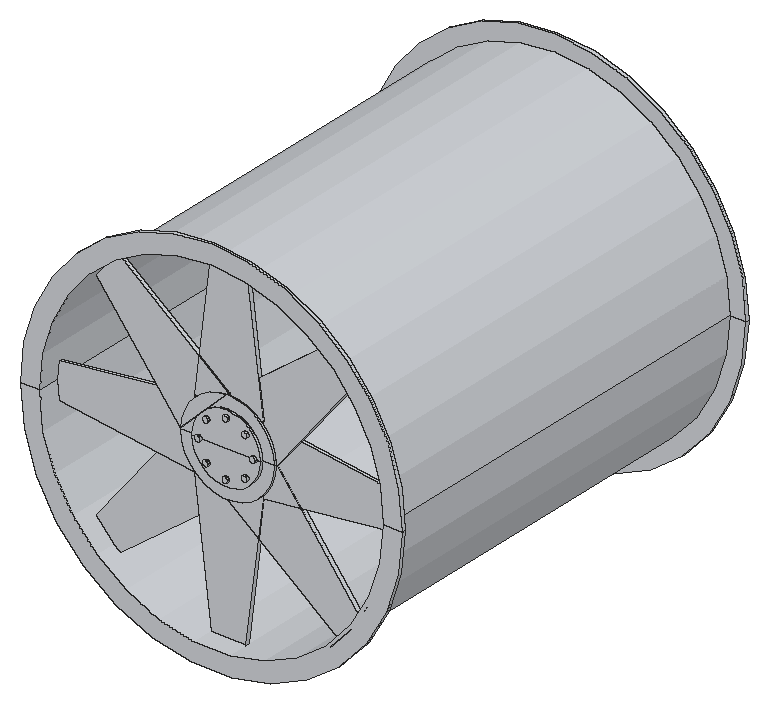
Revit family "CADS_Vent-Axia_MechEquip_Fan_BIFA_630_3Ph2P - SUPPLY", category Mechanical Equipment, Revit 2020
Family settings
  Round Connector Dimension = Use Diameter
  Part Type = Normal
  OmniClass Number = 23.75.00.00
  OmniClass Title = Climate Control (HVAC)
  Work Plane-Based = No
  Always vertical = Yes
  Cut with Voids When Loaded = No
  Shared = No
  Room Calculation Point = No
Parameters (values of type "BIFA633216")
  WorkingPressure = 0.0 Pa
  WarrantyStartDate [instance] = "1900-12-31T23:59:59"
  WarrantyPeriod = ""
  WarrantyIdentifier = "N/A"
  WarrantyGuarantorParts = "tech@vent-axia.com"
  WarrantyGuarantorLabor = "tech@vent-axia.com"
  WarrantyGuarantor = "Vent-Axia Limited"
  WarrantyEndDate [instance] = "1900-12-31T23:59:59"
  WarrantyContent = ""
  TemperatureRange = ""
  TagNumber [instance] = "N/A"
  SustainabilityPerformance = ""
  Status = "New"
  Size = ""
  Shape = ""
  ServiceLifeType = ""
  ServiceLifeDuration = ""
  SerialNumber [instance] = "N/A"
  ReplacementCost = ""
  RatedVoltage = 0 V
  RatedCurrent = 0 A
  Quantity = 1
  ProductionYear = ""
  PressureCurve = ""
  PowerFactor = ""
  PointOfContact = ""
  NumberOfPoles = 0
  NominalWidth = 630 mm
  NominalLength = 790 mm
  NominalHeight = 630 mm
  NominalFrequencyRange = ""
  NominalDiameter = 630 mm
  ModelReference = "BIF 630MM 3PH 2P 16DEG"
  ModelNumber = "BIFA633216"
  Material = ""
  ManufacturerE-Mail = "tech@vent-axia.com"
  ManufacturerAddress = "Fleming Way\nCrawley \nRH10 9YX"
  IsExtendedWarranty = no
  InsulationStandardClass = ""
  InstallationDate [instance] = "1900-12-31T23:59:59"
  IfcExportType [instance] = ""
  IfcExportAs = "IfcFanType"
  IP_Code = ""
  HasProtectiveEarth = no
  GrossWeight = 0.00 kg
  Grade = ""
  GlobalTradeItemNumber [instance] = "N/A"
  Fitting Type = "Ignore"
  Finish = ""
  Features = ""
  ExteriorInsulation = no
  ExpectedServiceLife = 0
  Exclusions = ""
  DurationUnit = "Year"
  Default Elevation = 0 mm
  Constituents = ""
  ConductorFunction = ""
  Color = ""
  CodePerformance = ""
  Category = ""
  CADS_Usage = 0
  CADS_Index = 0
  AssetType = "FIXED"
  AssetIdentifier [instance] = "N/A"
  AssemblyPlace = "UNKNOWN"
  ArticleNumber [instance] = "N/A"
  AirflowRateRange = 0.0 L/s
  Air Flow [instance] = 0.0 L/s
  AccessibilityPerformance = ""
Types (4, lengths in mm): name | ModelReference | ModelNumber
  BIFA633210 | "BIF 630MM 3PH 2P 10DEG" | "BIFA633210"
  BIFA633212 | "BIF 630MM 3PH 2P 12DEG" | "BIFA633212"
  BIFA633214 | "BIF 630MM 3PH 2P 14DEG" | "BIFA633214"
  BIFA633216 | "BIF 630MM 3PH 2P 16DEG" | "BIFA633216"
Reference planes
  plane 1 "Center (Front/Back)": y = 0
  plane 2: z = 0
  plane 3 "Center (Left/Right)": x = 0
  plane 4: x = -315
  plane 5: x = 315
  plane 6 "F": y = -395
  plane 7 "B": y = 395
  plane 8: x = -350
  plane 9: y = 390
  plane 10: y = -390
  plane 11: x = -320
  plane 12: y = -355
Forms (mm)
  Revolve 1, solid
    sketch origin (0, 0, 0) x (1, 0, 0) y (0, 1, 0)
      loop
        line (-350, -395) -> (-315, -395) -> (-315, 395) -> (-350, 395) -> (-350, 390) -> (-320, 390) -> (-320, -390) -> (-350, -390) -> (-350, -395)
      axis (0, 395) -> (0, -395)
    angle from 0 to 360
Dimensions and locks
  equal spacing: plane 4, plane 3 "Center (Left/Right)", plane 5
  equal spacing: plane 7 "B", plane 1 "Center (Front/Back)", plane 6 "F"
  "NominalLength": plane 7 "B" to plane 6 "F"
  "NominalDiameter": plane 4 to plane 5
  locked: plane 11 to plane 4 at 5
  locked: plane 8 to plane 11 at 30
  locked: plane 6 "F" to plane 10 at 5
  locked: plane 7 "B" to plane 9 at 5
  locked: plane 6 "F" to plane 12 at 40
  aligned and locked: level to plane 2
  aligned and locked: nested 1 to plane 12
Automatic sketch dimensions
  plane 6 "F" to Revolve 1 sketch curve = 0 mm
  Revolve 1 sketch curve to plane 8 = 0 mm  (x2)
  plane 10 to Revolve 1 sketch curve = 0 mm
  Revolve 1 sketch curve to plane 11 = 0 mm
  Revolve 1 sketch curve to plane 4 = 0 mm
  Revolve 1 sketch curve to plane 3 "Center (Left/Right)" = 0 mm
  plane 1 "Center (Front/Back)" to Revolve 1 sketch curve = 0 mm
  Revolve 1 sketch curve to plane 9 = 0 mm
  Revolve 1 sketch curve to plane 7 "B" = 0 mm
  plane 6 "F" to Revolve 1 sketch curve = 115 mm
Nested families
  nested 1: "Fan for BIFA" at (0, -355, 0), ND <- "NominalDiameter", type "Fan for BIFA"
    with hub 63 mm, ND 630 mm, BoltPCD 50.4 mm, Bolt Count 8, B_Diam 10 mm
  nested 2: "Bolts" at (0, -364.172, -50.4) x (-1, 0, 0) z (0, 1, 0), type "Bolts"
    with bd 10 mm
  nested 3: "Bolts" at (-35.638, -364.172, -35.638) x (-0.7071, 0, 0.7071) z (0, 1, 0), type "Bolts"
    with bd 10 mm
  nested 4: "Bolts" at (-50.4, -364.172, 0) x (0, 0, 1) z (0, 1, 0), type "Bolts"
    with bd 10 mm
  nested 5: "Bolts" at (-35.638, -364.172, 35.638) x (0.7071, 0, 0.7071) z (0, 1, 0), type "Bolts"
    with bd 10 mm
  nested 6: "Bolts" at (35.638, -364.172, 35.638) x (0.7071, 0, -0.7071) z (0, 1, 0), type "Bolts"
    with bd 10 mm
  nested 7: "Bolts" at (0, -364.172, 50.4) x (1, 0, 0) z (0, 1, 0), type "Bolts"
    with bd 10 mm
  nested 8: "BIFA Blade" at (0, -355, 0), type "BIFA Blade"
    with a 20.00°, HR 63 mm, HD 126 mm, BT 63 mm, BR 252 mm, BH 40 mm, BD 630 mm, BB 126 mm
  nested 9: "BIFA Blade" at (0, -355, 0) x (0.7071, 0, -0.7071) z (0.7071, 0, 0.7071), type "BIFA Blade"
    with a 20.00°, HR 63 mm, HD 126 mm, BT 63 mm, BR 252 mm, BH 40 mm, BD 630 mm, BB 126 mm
  nested 10: "BIFA Blade" at (0, -355, 0) x (0, 0, -1) z (1, 0, 0), type "BIFA Blade"
    with a 20.00°, HR 63 mm, HD 126 mm, BT 63 mm, BR 252 mm, BH 40 mm, BD 630 mm, BB 126 mm
  nested 11: "BIFA Blade" at (0, -355, 0) x (-0.7071, 0, -0.7071) z (0.7071, 0, -0.7071), type "BIFA Blade"
    with a 20.00°, HR 63 mm, HD 126 mm, BT 63 mm, BR 252 mm, BH 40 mm, BD 630 mm, BB 126 mm
  nested 12: "BIFA Blade" at (0, -355, 0) x (-1, 0, 0) z (0, 0, -1), type "BIFA Blade"
    with a 20.00°, HR 63 mm, HD 126 mm, BT 63 mm, BR 252 mm, BH 40 mm, BD 630 mm, BB 126 mm
  nested 13: "BIFA Blade" at (0, -355, 0) x (-0.7071, 0, -0.7071) z (-0.7071, 0, 0.7071), type "BIFA Blade"
    with a 20.00°, HR 63 mm, HD 126 mm, BT 63 mm, BR 252 mm, BH 40 mm, BD 630 mm, BB 126 mm
  nested 14: "BIFA Blade" at (0, -355, 0) x (0, 0, -1) z (-1, 0, 0), type "BIFA Blade"
    with a 20.00°, HR 63 mm, HD 126 mm, BT 63 mm, BR 252 mm, BH 40 mm, BD 630 mm, BB 126 mm
  nested 15: "BIFA Blade" at (0, -355, 0) x (0.7071, 0, -0.7071) z (-0.7071, 0, -0.7071), type "BIFA Blade"
    with a 20.00°, HR 63 mm, HD 126 mm, BT 63 mm, BR 252 mm, BH 40 mm, BD 630 mm, BB 126 mm
  nested 16: "Bolts" at (50.4, -364.172, 0) x (0, 0, -1) z (0, 1, 0), type "Bolts"
    with bd 10 mm
  nested 17: "Bolts" at (35.638, -364.172, -35.638) x (-0.7071, 0, -0.7071) z (0, 1, 0), type "Bolts"
    with bd 10 mm
Connectors
  hvac at (0, -395, 0), driven by "NominalDiameter", driven by "Air Flow"
    settings: on Revolve 1, index 1, duct flow 0.0 L/s, flow factor 0, pres drop 0.0 Pa, loss coef 0, conn angle 0.00°, conn width 304.8 mm, conn height 304.8 mm, conn diameter 630 mm, duct sys type 1, conn prof type 0, flow config 1, flow direction 1, loss method 0, conn ref index -1, conn util no, is conn primary yes, conn desc ""
  hvac at (0, 395, 0), driven by "NominalDiameter", driven by "Air Flow"
    settings: on Revolve 1, index 2, duct flow 0.0 L/s, flow factor 0, pres drop 0.0 Pa, loss coef 0, conn angle 0.00°, conn width 304.8 mm, conn height 304.8 mm, conn diameter 630 mm, duct sys type 1, conn prof type 0, flow config 0, flow direction 2, loss method 0, conn ref index -1, conn util no, is conn primary no, conn desc ""
Definition of nested family "Fan for BIFA"
  Parameters (values of type "Fan for BIFA")
    hub [instance] = ND / 10  # 50 mm
    ND [instance] = 500 mm
    Model = "."
    Default Elevation = 0 mm
    BoltPCD [instance] = hub - (hub * 0.2)  # 40 mm
    Bolt Count [instance] = if(hub < 50 mm, 6, 8)  # 8
    B_Diam [instance] = if(hub < 50 mm, 5 mm, 10 mm)  # 10 mm
  Reference planes
    plane 1 "Center (Front/Back)": y = 0
    plane 2: z = 0
    plane 3 "Center (Left/Right)": x = 0
    plane 4 "back": y = 20
    plane 5 "bolts": y = -9.172
    plane 6 "B": z = 50
    plane 7: x = -72.587
    plane 8: x = -50
    plane 9 "hubface": y = -6.172
  Forms (mm)
    Revolve 1, solid
      sketch origin (0, 0, 0) x (1, 0, 0) y (0, 1, 0)
        loop
          line (0, 20) -> (-50, 20) -> (-50, 10.504) -> (-72.587, 10.504) -> (-72.587, -2.597) -> (-50, -2.597) -> (-50, -6.172) -> (0, -6.172) -> (0, 20)
        axis (0, 20) -> (0, -6.172)
      angle from 0 to 360
    Extrusion 2, solid, not visible
      sketch origin (0, -6.347, -4) x (-1, 0, 0) y (0, 0, 1)
        loop
          circle (0, 84) r 5
      from 0 to 3
  Lines and regions (mm)
    symbolic lines
      curve 1: circle (0, -9.172, 0) r 40 normal (0, 1, 0)
    model lines, not visible
      curve 2: line (0, -6.347, 85) -> (0, -6.347, 75)
  Dimensions and locks
    "hub": plane 6 "B" to plane 2
    "hub": nested 3 to plane 3 "Center (Left/Right)"
    "hub": nested 4 to plane 3 "Center (Left/Right)"
    "hub": nested 5 to plane 3 "Center (Left/Right)"
    "hub": plane 3 "Center (Left/Right)" to nested 6
    "hub": Revolve 1 sketch curve to Revolve 1 sketch curve
    "hub": plane 3 "Center (Left/Right)" to nested 7
    "hub": plane 3 "Center (Left/Right)" to nested 8
    "hub": plane 3 "Center (Left/Right)" to nested 9
    "hub": plane 8 to plane 3 "Center (Left/Right)"
    plane 7 to plane 8 = 22.587 mm
    diameter of Extrusion 2 sketch curve = 10 mm
    "BoltPCD": radius of curve 1
    "BoltPCD": radius of radial array
    aligned and locked: level to plane 2
    aligned and locked: plane 6 "B" to nested 1
  Automatic sketch dimensions
    Revolve 1 sketch curve to plane 7 = 0 mm
    Revolve 1 sketch curve to plane 8 = 0 mm  (x2)
    Revolve 1 sketch curve to plane 3 "Center (Left/Right)" = 0 mm
    Revolve 1 sketch curve to plane 9 "hubface" = 0 mm
    plane 4 "back" to Revolve 1 sketch curve = 0 mm
    plane 1 "Center (Front/Back)" to Revolve 1 sketch curve = 2.597 mm
    plane 4 "back" to Revolve 1 sketch curve = 9.496 mm
    plane 4 "back" to Revolve 1 sketch curve = 5 mm
    Revolve 1 sketch curve to Revolve 1 sketch curve = 45 mm
    curve 1 to level = 0 mm
    curve 1 to plane 3 "Center (Left/Right)" = 0 mm
  Nested families
    nested 1: "BIFA Blade" at (0, 0, 25), BD <- "ND", HD <- "hub", type "BIFA Blade"
      with a 20.00°, HR 25 mm, HD 50 mm, BT 25 mm, BR 100 mm, BH 40 mm, BD 250 mm, BB 50 mm
    nested 2: "BIFA Blade" at (0, 0, 55), BD <- "ND", HD <- "hub", type "BIFA Blade", not visible
      with a 20.00°, HR 25 mm, HD 50 mm, BT 25 mm, BR 100 mm, BH 40 mm, BD 250 mm, BB 50 mm
    nested 3: "BIFA Blade" at (17.678, 0, 17.678) x (0.7071, 0, -0.7071) z (0.7071, 0, 0.7071), BD <- "ND", HD <- "hub", type "BIFA Blade"
      with a 20.00°, HR 25 mm, HD 50 mm, BT 25 mm, BR 100 mm, BH 40 mm, BD 250 mm, BB 50 mm
    nested 4: "BIFA Blade" at (25, 0, 0) x (0, 0, -1) z (1, 0, 0), BD <- "ND", HD <- "hub", type "BIFA Blade"
      with a 20.00°, HR 25 mm, HD 50 mm, BT 25 mm, BR 100 mm, BH 40 mm, BD 250 mm, BB 50 mm
    nested 5: "BIFA Blade" at (17.678, 0, -17.678) x (-0.7071, 0, -0.7071) z (0.7071, 0, -0.7071), BD <- "ND", HD <- "hub", type "BIFA Blade"
      with a 20.00°, HR 25 mm, HD 50 mm, BT 25 mm, BR 100 mm, BH 40 mm, BD 250 mm, BB 50 mm
    nested 6: "BIFA Blade" at (0, 0, -25) x (-1, 0, 0) z (0, 0, -1), BD <- "ND", HD <- "hub", type "BIFA Blade"
      with a 20.00°, HR 25 mm, HD 50 mm, BT 25 mm, BR 100 mm, BH 40 mm, BD 250 mm, BB 50 mm
    nested 7: "BIFA Blade" at (-17.678, 0, 17.678) x (-0.7071, 0, -0.7071) z (-0.7071, 0, 0.7071), BD <- "ND", HD <- "hub", type "BIFA Blade"
      with a 20.00°, HR 25 mm, HD 50 mm, BT 25 mm, BR 100 mm, BH 40 mm, BD 250 mm, BB 50 mm
    nested 8: "BIFA Blade" at (-25, 0, 0) x (0, 0, -1) z (-1, 0, 0), BD <- "ND", HD <- "hub", type "BIFA Blade"
      with a 20.00°, HR 25 mm, HD 50 mm, BT 25 mm, BR 100 mm, BH 40 mm, BD 250 mm, BB 50 mm
    nested 9: "BIFA Blade" at (-17.678, 0, -17.678) x (0.7071, 0, -0.7071) z (-0.7071, 0, -0.7071), BD <- "ND", HD <- "hub", type "BIFA Blade"
      with a 20.00°, HR 25 mm, HD 50 mm, BT 25 mm, BR 100 mm, BH 40 mm, BD 250 mm, BB 50 mm
    nested 10: "Bolts" at (0, -9.172, 40) x (1, 0, 0) z (0, 1, 0), bd <- "B_Diam", type "Bolts"
      with bd 10 mm
    nested 11: "Bolts" at (28.284, -9.172, 28.284) x (0.7071, 0, -0.7071) z (0, 1, 0), bd <- "B_Diam", type "Bolts"
      with bd 10 mm
    nested 12: "Bolts" at (-28.284, -9.172, 28.284) x (0.7071, 0, 0.7071) z (0, 1, 0), bd <- "B_Diam", type "Bolts"
      with bd 10 mm
    nested 13: "Bolts" at (-40, -9.172, 0) x (0, 0, 1) z (0, 1, 0), bd <- "B_Diam", type "Bolts"
      with bd 10 mm
    nested 14: "Bolts" at (-28.284, -9.172, -28.284) x (-0.7071, 0, 0.7071) z (0, 1, 0), bd <- "B_Diam", type "Bolts"
      with bd 10 mm
    nested 15: "Bolts" at (0, -9.172, -40) x (-1, 0, 0) z (0, 1, 0), bd <- "B_Diam", type "Bolts"
      with bd 10 mm
    nested 16: "Bolts" at (28.284, -9.172, -28.284) x (-0.7071, 0, -0.7071) z (0, 1, 0), bd <- "B_Diam", type "Bolts"
      with bd 10 mm
    nested 17: "Bolts" at (40, -9.172, 0) x (0, 0, -1) z (0, 1, 0), bd <- "B_Diam", type "Bolts"
      with bd 10 mm
  Definition of nested family "BIFA Blade"
    Parameters (values of type "BIFA Blade")
      a [instance] = 20.00°
      HR [instance] = HD / 2  # 30 mm
      HD [instance] = BD / 5  # 60 mm
      Default Elevation = 1219.2 mm
      BT [instance] = BD / 10  # 30 mm
      BR [instance] = (BD / 2) - HR  # 120 mm
      BH [instance] = 40 mm
      BD [instance] = 300 mm
      BB [instance] = BD / 5  # 60 mm
    Reference planes
      plane 1 "Center (Front/Back)": y = 0
      plane 2: z = 0
      plane 3 "Center (Left/Right)": x = 0
      plane 4 "Blade Bot": z = 30
      plane 5: x = -30
      plane 6: x = 30
      plane 7: x = -15
      plane 8: x = 15
    Forms (mm)
      Blend 1, solid
        base sketch origin (0, 0, 30) x (-1, 0, 0) y (0, -1, 0)
          loop
            line (30, 0) -> (-30, 0) -> (-30, -6) -> (30, -6) -> (30, 0)
        top sketch origin (0, 0, 30) x (-1, 0, 0) y (0, -1, 0)
          loop
            line (15, -6) -> (15, 0) -> (-15, 0) -> (-15, -6) -> (15, -6)
        from 0 to 120 <- "BR"
    Dimensions and locks
      "HR": plane 4 "Blade Bot" to level
      equal spacing: plane 8, plane 3 "Center (Left/Right)", plane 7
      "BT": plane 8 to plane 7
      equal spacing: plane 6, plane 3 "Center (Left/Right)", plane 5
      "BB": plane 6 to plane 5
      aligned and locked: level to plane 2
    Automatic sketch dimensions
      plane 1 "Center (Front/Back)" to Blend 1 sketch curve = 0 mm  (x2)
      Blend 1 sketch curve to plane 6 = 0 mm
      Blend 1 sketch curve to plane 5 = 0 mm
      Blend 1 sketch curve to plane 1 "Center (Front/Back)" = 6 mm  (x2)
      Blend 1 sketch curve to plane 8 = 0 mm
      Blend 1 sketch curve to plane 7 = 0 mm
  Definition of nested family "Bolts"
    Parameters
      bd [instance] = 10 mm
      Default Elevation = 1219.2 mm
    Reference planes
      plane 1 "Center (Front/Back)": y = 0
      plane 2: z = 0
      plane 3 "Center (Left/Right)": x = 0
    Forms (mm)
      Extrusion 1, solid
        sketch origin (0, 0, 0) x (1, 0, 0) y (0, 1, 0)
          loop
            line (-1219.2, 1219.2) -> (-1219.2, -1219.2) -> (1219.2, -1219.2) -> (1219.2, 1219.2) -> (-1219.2, 1219.2)
        from 0 to -304.8
      Extrusion 2, solid
        sketch origin (0, 0, 0) x (1, 0, 0) y (0, 1, 0)
          loop
            circle (0, 0) r 5
        from 0 to 3
    Dimensions and locks
      "bd": diameter of Extrusion 2 sketch curve
      aligned and locked: plane 2 to Extrusion 1
      aligned and locked: level to Extrusion 1
    Automatic sketch dimensions
      Extrusion 1 sketch curve to Extrusion 1 sketch curve = 2438.4 mm  (x2)
      plane 1 "Center (Front/Back)" to Extrusion 2 sketch curve = 0 mm
      Extrusion 2 sketch curve to plane 3 "Center (Left/Right)" = 0 mm
Definition of nested family "Bolts"
  Parameters
    bd [instance] = 10 mm
    Default Elevation = 1219.2 mm
  Reference planes
    plane 1 "Center (Front/Back)": y = 0
    plane 2: z = 0
    plane 3 "Center (Left/Right)": x = 0
  Forms (mm)
    Extrusion 1, solid
      sketch origin (0, 0, 0) x (1, 0, 0) y (0, 1, 0)
        loop
          line (-1219.2, 1219.2) -> (-1219.2, -1219.2) -> (1219.2, -1219.2) -> (1219.2, 1219.2) -> (-1219.2, 1219.2)
      from 0 to -304.8
    Extrusion 2, solid
      sketch origin (0, 0, 0) x (1, 0, 0) y (0, 1, 0)
        loop
          circle (0, 0) r 5
      from 0 to 3
  Dimensions and locks
    "bd": diameter of Extrusion 2 sketch curve
    aligned and locked: plane 2 to Extrusion 1
    aligned and locked: level to Extrusion 1
  Automatic sketch dimensions
    Extrusion 1 sketch curve to Extrusion 1 sketch curve = 2438.4 mm  (x2)
    plane 1 "Center (Front/Back)" to Extrusion 2 sketch curve = 0 mm
    Extrusion 2 sketch curve to plane 3 "Center (Left/Right)" = 0 mm
Definition of nested family "BIFA Blade"
  Parameters (values of type "BIFA Blade")
    a [instance] = 20.00°
    HR [instance] = HD / 2  # 30 mm
    HD [instance] = BD / 5  # 60 mm
    Default Elevation = 1219.2 mm
    BT [instance] = BD / 10  # 30 mm
    BR [instance] = (BD / 2) - HR  # 120 mm
    BH [instance] = 40 mm
    BD [instance] = 300 mm
    BB [instance] = BD / 5  # 60 mm
  Reference planes
    plane 1 "Center (Front/Back)": y = 0
    plane 2: z = 0
    plane 3 "Center (Left/Right)": x = 0
    plane 4 "Blade Bot": z = 30
    plane 5: x = -30
    plane 6: x = 30
    plane 7: x = -15
    plane 8: x = 15
  Forms (mm)
    Blend 1, solid
      base sketch origin (0, 0, 30) x (-1, 0, 0) y (0, -1, 0)
        loop
          line (30, 0) -> (-30, 0) -> (-30, -6) -> (30, -6) -> (30, 0)
      top sketch origin (0, 0, 30) x (-1, 0, 0) y (0, -1, 0)
        loop
          line (15, -6) -> (15, 0) -> (-15, 0) -> (-15, -6) -> (15, -6)
      from 0 to 120 <- "BR"
  Dimensions and locks
    "HR": plane 4 "Blade Bot" to level
    equal spacing: plane 8, plane 3 "Center (Left/Right)", plane 7
    "BT": plane 8 to plane 7
    equal spacing: plane 6, plane 3 "Center (Left/Right)", plane 5
    "BB": plane 6 to plane 5
    aligned and locked: level to plane 2
  Automatic sketch dimensions
    plane 1 "Center (Front/Back)" to Blend 1 sketch curve = 0 mm  (x2)
    Blend 1 sketch curve to plane 6 = 0 mm
    Blend 1 sketch curve to plane 5 = 0 mm
    Blend 1 sketch curve to plane 1 "Center (Front/Back)" = 6 mm  (x2)
    Blend 1 sketch curve to plane 8 = 0 mm
    Blend 1 sketch curve to plane 7 = 0 mm
